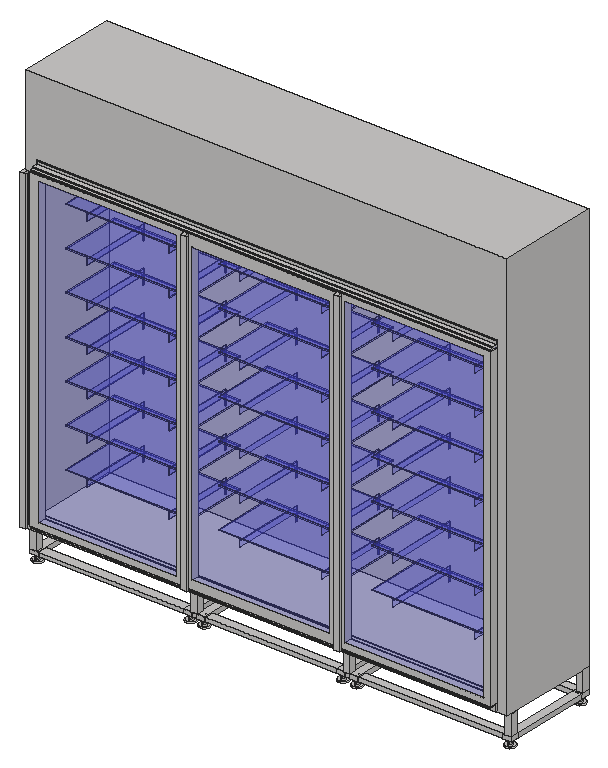
Revit family "Food-Service-Equipment_Oscartek_Muro_Gala-2274_cat", category Specialty Equipment, Revit 2026 (continued)
Automatic sketch dimensions
  Revolve 7 sketch curve to Revolve 7 sketch curve = 0.16783"
  Revolve 7 sketch curve to Revolve 7 sketch curve = 1.56456"
  Revolve 7 sketch curve to Revolve 7 sketch curve = 0.19705"
  Revolve 7 sketch curve to Revolve 7 sketch curve = 0.17734"
  plane 15 to Revolve 7 sketch curve = 0.06186"
  Revolve 7 sketch curve to plane 15 = 0.15613"
  Revolve 7 sketch curve to Revolve 7 sketch curve = 1 3/4"
  Revolve 7 sketch curve to Revolve 7 sketch curve = 1/2"
  Revolve 8 sketch curve to plane 16 = 0"  (x2)
  Revolve 8 sketch curve to level = 0"
  level to Revolve 8 sketch curve = 0.11843"
  level to Revolve 8 sketch curve = 0.22627"
  Revolve 8 sketch curve to Revolve 8 sketch curve = 0.16783"
  Revolve 8 sketch curve to Revolve 8 sketch curve = 1.56456"
  Revolve 8 sketch curve to Revolve 8 sketch curve = 0.19705"
  Revolve 8 sketch curve to Revolve 8 sketch curve = 0.17734"
  plane 15 to Revolve 8 sketch curve = 0.06186"
  Revolve 8 sketch curve to plane 15 = 0.15613"
  Revolve 8 sketch curve to Revolve 8 sketch curve = 1 3/4"
  Revolve 8 sketch curve to Revolve 8 sketch curve = 1/2"
  Extrusion 9 sketch curve to plane 15 = 0"
  Extrusion 9 sketch curve to plane 1 "BACK" = 0"
  plane 16 to Extrusion 9 sketch curve = 0.78819"
  plane 1 "BACK" to Extrusion 9 sketch curve = 1.55943"
  level to Extrusion 9 sketch curve = 1.28869"  (x2)
  Extrusion 9 sketch curve to Extrusion 9 sketch curve = 0.78819"  (x2)
  Extrusion 10 sketch curve to plane 3 "LEFT" = 0"
  plane 4 "RIGHT" to Extrusion 10 sketch curve = 0"
  Extrusion 10 sketch curve to plane 17 = 3/4"
  Extrusion 10 sketch curve to plane 18 = 0.776"
  plane 18 to Extrusion 10 sketch curve = 0.72956"
  Extrusion 10 sketch curve to Extrusion 10 sketch curve = 0.94867"  (x2)
  plane 19 to Extrusion 10 sketch curve = 0.51472"
  level to Extrusion 10 sketch curve = 2.07689"  (x5)
  plane 7 "Center Y" to Extrusion 10 sketch curve = 12.24038"
  Extrusion 10 sketch curve to Extrusion 10 sketch curve = 1.50556"
  Extrusion 10 sketch curve to Extrusion 10 sketch curve = 1.56743"
  Extrusion 10 sketch curve to Extrusion 10 sketch curve = 1 9/16"
  Extrusion 10 sketch curve to Extrusion 10 sketch curve = 0"
  Extrusion 10 sketch curve to Extrusion 10 sketch curve = 0.78819"  (x6)
  Extrusion 11 sketch curve to Extrusion 10 = 0"  (x2)
  Extrusion 10 to Extrusion 11 sketch curve = 0"  (x4)
  Extrusion 11 sketch curve to Extrusion 10 = 0.38475"  (x2)
  Extrusion 10 to Extrusion 11 sketch curve = 1.18229"  (x4)
  Extrusion 10 to Extrusion 11 sketch curve = 28.41113"
  Extrusion 11 sketch curve to Extrusion 10 = 0.01696"  (x4)
  Extrusion 11 sketch curve to Extrusion 11 sketch curve = 0"  (x3)
  Extrusion 11 sketch curve to Extrusion 11 sketch curve = 1.17775"  (x6)
  Extrusion 11 sketch curve to Extrusion 11 sketch curve = 27.19725"
  Extrusion 11 sketch curve to Extrusion 11 sketch curve = 28.79588"
  Extrusion 10 to Extrusion 11 sketch curve = 1.16533"  (x4)
  Extrusion 12 sketch curve to Extrusion 2 = 0"  (x2)
  Extrusion 2 to Extrusion 12 sketch curve = 0"  (x2)
  Extrusion 2 to Extrusion 12 sketch curve = 1.02142"
  Extrusion 12 sketch curve to Extrusion 12 sketch curve = 0.39186"
  Extrusion 12 sketch curve to Extrusion 2 = 28.0961"
  Extrusion 12 sketch curve to Extrusion 12 sketch curve = 0.38648"
  Extrusion 12 sketch curve to Extrusion 12 sketch curve = 28.41142"
  Extrusion 13 sketch curve to plane 6 "TOP" = 0"
  Extrusion 13 sketch curve to plane 9 = 0"
  plane 14 to Extrusion 13 sketch curve = 0"
  Extrusion 13 sketch curve to plane 1 "BACK" = 0"
  Extrusion 13 sketch curve to plane 15 = 0.03556"
  Extrusion 13 sketch curve to plane 15 = 0.01696"
  plane 16 to Extrusion 13 sketch curve = 0.15764"
  plane 1 "BACK" to Extrusion 13 sketch curve = 2.08871"
  Extrusion 13 sketch curve to plane 14 = 2.52221"
  Extrusion 13 sketch curve to plane 6 "TOP" = 15.6731"
  Extrusion 13 sketch curve to Extrusion 13 sketch curve = 1.4856"
  Extrusion 13 sketch curve to Extrusion 13 sketch curve = 4.27825"
  Extrusion 14 sketch curve to plane 6 "TOP" = 0"
  Extrusion 14 sketch curve to plane 9 = 0"
  Extrusion 14 sketch curve to plane 1 "BACK" = 0"
  plane 14 to Extrusion 14 sketch curve = 0"
  Extrusion 15 sketch curve to plane 1 "BACK" = 0"
  Extrusion 15 sketch curve to plane 9 = 0"
  plane 14 to Extrusion 15 sketch curve = 0"
  Extrusion 15 sketch curve to plane 6 "TOP" = 0"
  Split face 1 sketch curve to cut or joined group of Extrusion 13, Extrusion 14, Extrusion 15 = 70.75652"
  Split face 1 sketch curve to cut or joined group of Extrusion 13, Extrusion 14, Extrusion 15 = 44 3/4"
  Revolve 16 sketch curve to level = 0"
  level to Revolve 16 sketch curve = 0.11843"
  level to Revolve 16 sketch curve = 0.22627"
  Revolve 16 sketch curve to Revolve 16 sketch curve = 0.16783"
  plane 1 "BACK" to Revolve 16 sketch curve = 0.78819"  (x2)
  Revolve 16 sketch curve to Revolve 16 sketch curve = 1.56456"
  Revolve 16 sketch curve to Revolve 16 sketch curve = 0.19705"
  Revolve 16 sketch curve to Revolve 16 sketch curve = 0.17734"
  Revolve 16 sketch curve to Revolve 16 sketch curve = 0.33498"
  Revolve 16 sketch curve to Revolve 16 sketch curve = 0.218"
  Revolve 16 sketch curve to Revolve 16 sketch curve = 1 3/4"
  Revolve 16 sketch curve to Revolve 16 sketch curve = 1/2"
  Revolve 17 sketch curve to plane 16 = 0"  (x2)
  Revolve 17 sketch curve to level = 0"
  level to Revolve 17 sketch curve = 0.11843"
  level to Revolve 17 sketch curve = 0.22627"
  Revolve 17 sketch curve to Revolve 17 sketch curve = 0.16783"
  Revolve 17 sketch curve to Revolve 17 sketch curve = 1.56456"
  Revolve 17 sketch curve to Revolve 17 sketch curve = 0.19705"
  Revolve 17 sketch curve to Revolve 17 sketch curve = 0.17734"
  plane 15 to Revolve 17 sketch curve = 0.06186"
  Revolve 17 sketch curve to plane 15 = 0.15613"
  Revolve 17 sketch curve to Revolve 17 sketch curve = 1 3/4"
  Revolve 17 sketch curve to Revolve 17 sketch curve = 1/2"
  Extrusion 18 sketch curve to plane 8 "Center X" = 0.40481"
  Extrusion 18 sketch curve to plane 8 "Center X" = 0.17499"
  plane 8 "Center X" to Extrusion 18 sketch curve = 0.10088"
  plane 8 "Center X" to Extrusion 18 sketch curve = 0.18634"
  Extrusion 18 sketch curve to Extrusion 18 sketch curve = 1.18229"  (x3)
  Extrusion 18 sketch curve to Extrusion 18 sketch curve = 0.08546"
  Extrusion 18 sketch curve to Extrusion 18 sketch curve = 0.27587"
  Extrusion 18 sketch curve to Extrusion 18 sketch curve = 0.22982"
  Extrusion 18 sketch curve to plane 6 "TOP" = 19.30897"
  Extrusion 18 sketch curve to Extrusion 18 sketch curve = 0.15764"  (x3)
  Extrusion 18 sketch curve to Extrusion 18 sketch curve = 0.3941"  (x2)
  Revolve 19 sketch curve to level = 0"
  level to Revolve 19 sketch curve = 0.11843"
  level to Revolve 19 sketch curve = 0.22627"
  Revolve 19 sketch curve to Revolve 19 sketch curve = 0.16783"
  plane 1 "BACK" to Revolve 19 sketch curve = 0.78819"  (x2)
  Revolve 19 sketch curve to Revolve 19 sketch curve = 1.56456"
  Revolve 19 sketch curve to Revolve 19 sketch curve = 0.19705"
  Revolve 19 sketch curve to Revolve 19 sketch curve = 0.17734"
  Revolve 19 sketch curve to Revolve 19 sketch curve = 0.33498"
  Revolve 19 sketch curve to Revolve 19 sketch curve = 0.218"
  Revolve 19 sketch curve to Revolve 19 sketch curve = 1 3/4"
  Revolve 19 sketch curve to Revolve 19 sketch curve = 1/2"
  Revolve 20 sketch curve to plane 16 = 0"  (x2)
  Revolve 20 sketch curve to level = 0"
  level to Revolve 20 sketch curve = 0.11843"
  level to Revolve 20 sketch curve = 0.22627"
  Revolve 20 sketch curve to Revolve 20 sketch curve = 0.16783"
  Revolve 20 sketch curve to Revolve 20 sketch curve = 1.56456"
  Revolve 20 sketch curve to Revolve 20 sketch curve = 0.19705"
  Revolve 20 sketch curve to Revolve 20 sketch curve = 0.17734"
  plane 15 to Revolve 20 sketch curve = 0.06186"
  Revolve 20 sketch curve to plane 15 = 0.15613"
  Revolve 20 sketch curve to Revolve 20 sketch curve = 1 3/4"
  Revolve 20 sketch curve to Revolve 20 sketch curve = 1/2"
  Revolve 21 sketch curve to level = 0"
  level to Revolve 21 sketch curve = 0.11843"
  level to Revolve 21 sketch curve = 0.22627"
  Revolve 21 sketch curve to Revolve 21 sketch curve = 0.16783"
  plane 1 "BACK" to Revolve 21 sketch curve = 0.78819"  (x2)
  Revolve 21 sketch curve to Revolve 21 sketch curve = 1.56456"
  Revolve 21 sketch curve to Revolve 21 sketch curve = 0.19705"
  Revolve 21 sketch curve to Revolve 21 sketch curve = 0.17734"
  Revolve 21 sketch curve to Revolve 21 sketch curve = 0.33498"
  Revolve 21 sketch curve to Revolve 21 sketch curve = 0.218"
  Revolve 21 sketch curve to Revolve 21 sketch curve = 1 3/4"
  Revolve 21 sketch curve to Revolve 21 sketch curve = 1/2"
  Revolve 22 sketch curve to plane 16 = 0"  (x2)
  Revolve 22 sketch curve to level = 0"
  level to Revolve 22 sketch curve = 0.11843"
  level to Revolve 22 sketch curve = 0.22627"
  Revolve 22 sketch curve to Revolve 22 sketch curve = 0.16783"
  Revolve 22 sketch curve to Revolve 22 sketch curve = 1.56456"
  Revolve 22 sketch curve to Revolve 22 sketch curve = 0.19705"
  Revolve 22 sketch curve to Revolve 22 sketch curve = 0.17734"
  plane 15 to Revolve 22 sketch curve = 0.06186"
  Revolve 22 sketch curve to plane 15 = 0.15613"
  Revolve 22 sketch curve to Revolve 22 sketch curve = 1 3/4"
  Revolve 22 sketch curve to Revolve 22 sketch curve = 1/2"
  Revolve 23 sketch curve to level = 0"
  level to Revolve 23 sketch curve = 0.11843"
  level to Revolve 23 sketch curve = 0.22627"
  Revolve 23 sketch curve to Revolve 23 sketch curve = 0.16783"
  plane 1 "BACK" to Revolve 23 sketch curve = 0.78819"  (x2)
  Revolve 23 sketch curve to Revolve 23 sketch curve = 1.56456"
  Revolve 23 sketch curve to Revolve 23 sketch curve = 0.19705"
  Revolve 23 sketch curve to Revolve 23 sketch curve = 0.17734"
  Revolve 23 sketch curve to Revolve 23 sketch curve = 0.33498"
  Revolve 23 sketch curve to Revolve 23 sketch curve = 0.218"
  Revolve 23 sketch curve to Revolve 23 sketch curve = 1 3/4"
  Revolve 23 sketch curve to Revolve 23 sketch curve = 1/2"
  Revolve 24 sketch curve to plane 16 = 0"  (x2)
  Revolve 24 sketch curve to level = 0"
  level to Revolve 24 sketch curve = 0.11843"
  level to Revolve 24 sketch curve = 0.22627"
  Revolve 24 sketch curve to Revolve 24 sketch curve = 0.16783"
  Revolve 24 sketch curve to Revolve 24 sketch curve = 1.56456"
  Revolve 24 sketch curve to Revolve 24 sketch curve = 0.19705"
  Revolve 24 sketch curve to Revolve 24 sketch curve = 0.17734"
  plane 15 to Revolve 24 sketch curve = 0.06186"
  Revolve 24 sketch curve to plane 15 = 0.15613"
  Revolve 24 sketch curve to Revolve 24 sketch curve = 1 3/4"
  Revolve 24 sketch curve to Revolve 24 sketch curve = 1/2"
  plane 16 to Extrusion 25 sketch curve = 1.55919"  (x7)
  Extrusion 25 sketch curve to Extrusion 25 sketch curve = 0.1885"  (x7)
  plane 8 "Center X" to Extrusion 25 sketch curve = 1.71395"  (x7)
  plane 1 "BACK" to Extrusion 25 sketch curve = 2.5301"  (x7)
  Extrusion 25 sketch curve to Extrusion 25 sketch curve = 0.29951"  (x7)
  Extrusion 25 sketch curve to plane 14 = 6.63161"
  Extrusion 25 sketch curve to plane 14 = 8.19181"
  Extrusion 25 sketch curve to Extrusion 25 sketch curve = 1.16821"  (x7)
  Extrusion 25 sketch curve to Extrusion 25 sketch curve = 0.3497"  (x7)
  Extrusion 25 sketch curve to Extrusion 25 sketch curve = 4.64318"
  Extrusion 25 sketch curve to Extrusion 25 sketch curve = 5.85368"
  Extrusion 25 sketch curve to Extrusion 25 sketch curve = 4.66089"  (x5)
  Extrusion 25 sketch curve to Extrusion 25 sketch curve = 5.8714"
  Extrusion 25 sketch curve to Extrusion 25 sketch curve = 1.5602"  (x4)
  plane 16 to Extrusion 26 sketch curve = 2.74186"  (x3)
  plane 1 "BACK" to Extrusion 26 sketch curve = 4.5494"  (x3)
  Extrusion 26 sketch curve to plane 14 = 16.77101"
  Extrusion 26 sketch curve to Extrusion 26 sketch curve = 0.31528"  (x3)
  Extrusion 26 sketch curve to Extrusion 26 sketch curve = 14.46332"  (x2)
  plane 16 to Extrusion 27 sketch curve = 2.50502"  (x2)
  Extrusion 27 sketch curve to Extrusion 27 sketch curve = 0.1885"  (x2)
  plane 1 "BACK" to Extrusion 27 sketch curve = 2.5301"  (x2)
  Extrusion 27 sketch curve to Extrusion 27 sketch curve = 0.29951"  (x2)
  Extrusion 27 sketch curve to plane 14 = 14.00319"
  Extrusion 27 sketch curve to Extrusion 27 sketch curve = 1.55721"  (x2)
  Extrusion 27 sketch curve to Extrusion 27 sketch curve = 1.1712"  (x2)
  Extrusion 27 sketch curve to Extrusion 27 sketch curve = 0.3497"  (x2)
  Extrusion 27 sketch curve to Extrusion 27 sketch curve = 12.05019"
  plane 16 to Extrusion 28 sketch curve = 2.74186"  (x2)
  plane 1 "BACK" to Extrusion 28 sketch curve = 4.5494"  (x2)
  Extrusion 28 sketch curve to plane 14 = 16.77101"
  Extrusion 28 sketch curve to Extrusion 28 sketch curve = 0.31528"  (x2)
  Extrusion 28 sketch curve to Extrusion 28 sketch curve = 14.46332"
  plane 16 to Extrusion 29 sketch curve = 2.50502"  (x2)
  Extrusion 29 sketch curve to Extrusion 29 sketch curve = 0.1885"  (x2)
  plane 1 "BACK" to Extrusion 29 sketch curve = 2.5301"  (x2)
  Extrusion 29 sketch curve to Extrusion 29 sketch curve = 0.29951"  (x2)
  Extrusion 29 sketch curve to plane 14 = 31.8599"
  Extrusion 29 sketch curve to Extrusion 29 sketch curve = 0.3497"  (x2)
  Extrusion 29 sketch curve to Extrusion 29 sketch curve = 1.1712"  (x2)
  Extrusion 29 sketch curve to Extrusion 29 sketch curve = 1.55721"  (x2)
  Extrusion 29 sketch curve to Extrusion 29 sketch curve = 13.2577"
  plane 16 to Extrusion 30 sketch curve = 2.50502"  (x3)
  Extrusion 30 sketch curve to Extrusion 30 sketch curve = 0.1885"  (x3)
  plane 8 "Center X" to Extrusion 30 sketch curve = 1.71395"  (x3)
  plane 1 "BACK" to Extrusion 30 sketch curve = 2.5301"  (x3)
  Extrusion 30 sketch curve to Extrusion 30 sketch curve = 0.29951"  (x3)
  Extrusion 30 sketch curve to plane 14 = 14.00319"
  Extrusion 30 sketch curve to Extrusion 30 sketch curve = 1.5602"  (x3)
  Extrusion 30 sketch curve to Extrusion 30 sketch curve = 1.16821"  (x3)
  Extrusion 30 sketch curve to Extrusion 30 sketch curve = 0.3497"  (x3)
  Extrusion 30 sketch curve to Extrusion 30 sketch curve = 12.05019"  (x2)
  plane 16 to Extrusion 31 sketch curve = 2.50502"  (x3)
  Extrusion 31 sketch curve to Extrusion 31 sketch curve = 0.1885"  (x3)
  plane 8 "Center X" to Extrusion 31 sketch curve = 1.71395"  (x3)
  plane 1 "BACK" to Extrusion 31 sketch curve = 2.5301"  (x3)
  Extrusion 31 sketch curve to Extrusion 31 sketch curve = 0.29951"  (x3)
  Extrusion 31 sketch curve to plane 6 "TOP" = 29 139/256"
  Extrusion 31 sketch curve to Extrusion 31 sketch curve = 0.3497"  (x3)
  Extrusion 31 sketch curve to Extrusion 31 sketch curve = 1.16821"  (x3)
  Extrusion 31 sketch curve to Extrusion 31 sketch curve = 1.5602"  (x3)
  Extrusion 31 sketch curve to Extrusion 31 sketch curve = 13.26069"  (x2)
  plane 16 to Extrusion 32 sketch curve = 1.79603"  (x7)
  plane 1 "BACK" to Extrusion 32 sketch curve = 3.87895"  (x7)
  Extrusion 32 sketch curve to plane 14 = 9.39943"
  Extrusion 32 sketch curve to Extrusion 32 sketch curve = 0.31029"  (x7)
  Extrusion 32 sketch curve to Extrusion 32 sketch curve = 7.0613"
  Extrusion 32 sketch curve to Extrusion 32 sketch curve = 7.07901"  (x5)
  plane 16 to Extrusion 33 sketch curve = 1.55919"  (x7)
  Extrusion 33 sketch curve to Extrusion 33 sketch curve = 0.1885"  (x7)
  plane 8 "Center X" to Extrusion 33 sketch curve = 1.71395"  (x7)
  plane 1 "BACK" to Extrusion 33 sketch curve = 2.5301"  (x7)
  Extrusion 33 sketch curve to Extrusion 33 sketch curve = 0.29951"  (x7)
  Extrusion 33 sketch curve to plane 6 "TOP" = 22.15367"
  Extrusion 33 sketch curve to Extrusion 33 sketch curve = 0.3497"  (x7)
  Extrusion 33 sketch curve to Extrusion 33 sketch curve = 1.16821"  (x7)
  Extrusion 33 sketch curve to Extrusion 33 sketch curve = 1.5602"  (x7)
  Extrusion 33 sketch curve to Extrusion 33 sketch curve = 5.8714"  (x5)
  Extrusion 33 sketch curve to Extrusion 33 sketch curve = 5.85368"
  plane 16 to Extrusion 34 sketch curve = 1.55919"  (x7)
  Extrusion 34 sketch curve to Extrusion 34 sketch curve = 0.1885"  (x7)
  plane 8 "Center X" to Extrusion 34 sketch curve = 1.71395"  (x7)
  plane 1 "BACK" to Extrusion 34 sketch curve = 2.5301"  (x7)
  Extrusion 34 sketch curve to Extrusion 34 sketch curve = 0.29951"  (x7)
  Extrusion 34 sketch curve to plane 14 = 6.63161"
  Extrusion 34 sketch curve to plane 14 = 8.19181"
  Extrusion 34 sketch curve to Extrusion 34 sketch curve = 1.16821"  (x7)
  Extrusion 34 sketch curve to Extrusion 34 sketch curve = 0.3497"  (x7)
  Extrusion 34 sketch curve to Extrusion 34 sketch curve = 4.64318"
  Extrusion 34 sketch curve to Extrusion 34 sketch curve = 5.85368"
  Extrusion 34 sketch curve to Extrusion 34 sketch curve = 4.66089"  (x5)
  Extrusion 34 sketch curve to Extrusion 34 sketch curve = 5.8714"
  Extrusion 34 sketch curve to Extrusion 34 sketch curve = 1.5602"  (x4)
  plane 16 to Extrusion 35 sketch curve = 2.74186"  (x3)
  plane 1 "BACK" to Extrusion 35 sketch curve = 4.5494"  (x3)
  Extrusion 35 sketch curve to plane 14 = 16.77101"
  Extrusion 35 sketch curve to Extrusion 35 sketch curve = 0.31528"  (x3)
  Extrusion 35 sketch curve to Extrusion 35 sketch curve = 14.46332"  (x2)
  plane 16 to Extrusion 36 sketch curve = 2.50502"  (x2)
  Extrusion 36 sketch curve to Extrusion 36 sketch curve = 0.1885"  (x2)
  plane 1 "BACK" to Extrusion 36 sketch curve = 2.5301"  (x2)
  Extrusion 36 sketch curve to Extrusion 36 sketch curve = 0.29951"  (x2)
  Extrusion 36 sketch curve to plane 14 = 14.00319"
  Extrusion 36 sketch curve to Extrusion 36 sketch curve = 1.55721"  (x2)
  Extrusion 36 sketch curve to Extrusion 36 sketch curve = 1.1712"  (x2)
  Extrusion 36 sketch curve to Extrusion 36 sketch curve = 0.3497"  (x2)
  Extrusion 36 sketch curve to Extrusion 36 sketch curve = 12.05019"
  plane 16 to Extrusion 37 sketch curve = 2.74186"  (x2)
  plane 1 "BACK" to Extrusion 37 sketch curve = 4.5494"  (x2)
  Extrusion 37 sketch curve to plane 14 = 16.77101"
  Extrusion 37 sketch curve to Extrusion 37 sketch curve = 0.31528"  (x2)
  Extrusion 37 sketch curve to Extrusion 37 sketch curve = 14.46332"
  plane 16 to Extrusion 38 sketch curve = 2.50502"  (x2)
  Extrusion 38 sketch curve to Extrusion 38 sketch curve = 0.1885"  (x2)
  plane 1 "BACK" to Extrusion 38 sketch curve = 2.5301"  (x2)
  Extrusion 38 sketch curve to Extrusion 38 sketch curve = 0.29951"  (x2)
  Extrusion 38 sketch curve to plane 14 = 31.8599"
  Extrusion 38 sketch curve to Extrusion 38 sketch curve = 0.3497"  (x2)
  Extrusion 38 sketch curve to Extrusion 38 sketch curve = 1.1712"  (x2)
  Extrusion 38 sketch curve to Extrusion 38 sketch curve = 1.55721"  (x2)
  Extrusion 38 sketch curve to Extrusion 38 sketch curve = 13.2577"
  plane 16 to Extrusion 39 sketch curve = 2.50502"  (x3)
  Extrusion 39 sketch curve to Extrusion 39 sketch curve = 0.1885"  (x3)
  plane 8 "Center X" to Extrusion 39 sketch curve = 1.71395"  (x3)
  plane 1 "BACK" to Extrusion 39 sketch curve = 2.5301"  (x3)
  Extrusion 39 sketch curve to Extrusion 39 sketch curve = 0.29951"  (x3)
  Extrusion 39 sketch curve to plane 14 = 14.00319"
  Extrusion 39 sketch curve to Extrusion 39 sketch curve = 1.5602"  (x3)
  Extrusion 39 sketch curve to Extrusion 39 sketch curve = 1.16821"  (x3)
  Extrusion 39 sketch curve to Extrusion 39 sketch curve = 0.3497"  (x3)
  Extrusion 39 sketch curve to Extrusion 39 sketch curve = 12.05019"  (x2)
  plane 16 to Extrusion 40 sketch curve = 2.50502"  (x3)
  Extrusion 40 sketch curve to Extrusion 40 sketch curve = 0.1885"  (x3)
  plane 8 "Center X" to Extrusion 40 sketch curve = 1.71395"  (x3)
  plane 1 "BACK" to Extrusion 40 sketch curve = 2.5301"  (x3)
  Extrusion 40 sketch curve to Extrusion 40 sketch curve = 0.29951"  (x3)
  Extrusion 40 sketch curve to plane 6 "TOP" = 29 139/256"
  Extrusion 40 sketch curve to Extrusion 40 sketch curve = 0.3497"  (x3)
  Extrusion 40 sketch curve to Extrusion 40 sketch curve = 1.16821"  (x3)
  Extrusion 40 sketch curve to Extrusion 40 sketch curve = 1.5602"  (x3)
  Extrusion 40 sketch curve to Extrusion 40 sketch curve = 13.26069"  (x2)
  plane 16 to Extrusion 41 sketch curve = 1.79603"  (x7)
  plane 1 "BACK" to Extrusion 41 sketch curve = 3.87895"  (x7)
  Extrusion 41 sketch curve to plane 14 = 9.39943"
  Extrusion 41 sketch curve to Extrusion 41 sketch curve = 0.31029"  (x7)
  Extrusion 41 sketch curve to Extrusion 41 sketch curve = 7.0613"
  Extrusion 41 sketch curve to Extrusion 41 sketch curve = 7.07901"  (x5)
  plane 16 to Extrusion 42 sketch curve = 1.55919"  (x7)
  Extrusion 42 sketch curve to Extrusion 42 sketch curve = 0.1885"  (x7)
  plane 8 "Center X" to Extrusion 42 sketch curve = 1.71395"  (x7)
  plane 1 "BACK" to Extrusion 42 sketch curve = 2.5301"  (x7)
  Extrusion 42 sketch curve to Extrusion 42 sketch curve = 0.29951"  (x7)
  Extrusion 42 sketch curve to plane 6 "TOP" = 22.15367"
  Extrusion 42 sketch curve to Extrusion 42 sketch curve = 0.3497"  (x7)
  Extrusion 42 sketch curve to Extrusion 42 sketch curve = 1.16821"  (x7)
  Extrusion 42 sketch curve to Extrusion 42 sketch curve = 1.5602"  (x7)
  Extrusion 42 sketch curve to Extrusion 42 sketch curve = 5.8714"  (x5)
  Extrusion 42 sketch curve to Extrusion 42 sketch curve = 5.85368"
  plane 16 to Extrusion 43 sketch curve = 1.55919"  (x7)
  Extrusion 43 sketch curve to Extrusion 43 sketch curve = 0.1885"  (x7)
  plane 8 "Center X" to Extrusion 43 sketch curve = 1.71395"  (x7)
  plane 1 "BACK" to Extrusion 43 sketch curve = 2.5301"  (x7)
  Extrusion 43 sketch curve to Extrusion 43 sketch curve = 0.29951"  (x7)
  Extrusion 43 sketch curve to plane 6 "TOP" = 22.15367"
  Extrusion 43 sketch curve to Extrusion 43 sketch curve = 0.3497"  (x7)
  Extrusion 43 sketch curve to Extrusion 43 sketch curve = 1.16821"  (x7)
  Extrusion 43 sketch curve to Extrusion 43 sketch curve = 1.5602"  (x7)
  Extrusion 43 sketch curve to Extrusion 43 sketch curve = 5.8714"  (x5)
  Extrusion 43 sketch curve to Extrusion 43 sketch curve = 5.85368"
  plane 16 to Extrusion 44 sketch curve = 2.74186"  (x3)
  plane 1 "BACK" to Extrusion 44 sketch curve = 4.5494"  (x3)
  Extrusion 44 sketch curve to plane 6 "TOP" = 29.53798"
  Extrusion 44 sketch curve to Extrusion 44 sketch curve = 0.31528"  (x3)
  Extrusion 44 sketch curve to Extrusion 44 sketch curve = 14.46332"  (x2)
  plane 16 to Extrusion 45 sketch curve = 2.50502"  (x2)
  Extrusion 45 sketch curve to Extrusion 45 sketch curve = 0.1885"  (x2)
  plane 1 "BACK" to Extrusion 45 sketch curve = 2.5301"  (x2)
  Extrusion 45 sketch curve to Extrusion 45 sketch curve = 0.29951"  (x2)
  Extrusion 45 sketch curve to plane 14 = 31.8599"
  Extrusion 45 sketch curve to Extrusion 45 sketch curve = 0.3497"  (x2)
  Extrusion 45 sketch curve to Extrusion 45 sketch curve = 1.1712"  (x2)
  Extrusion 45 sketch curve to Extrusion 45 sketch curve = 1.55721"  (x2)
  Extrusion 45 sketch curve to Extrusion 45 sketch curve = 13.2577"
  plane 16 to Extrusion 46 sketch curve = 2.74186"  (x2)
  plane 1 "BACK" to Extrusion 46 sketch curve = 4.5494"  (x2)
  Extrusion 46 sketch curve to plane 14 = 31.86488"
  Extrusion 46 sketch curve to Extrusion 46 sketch curve = 0.31528"  (x2)
  Extrusion 46 sketch curve to Extrusion 46 sketch curve = 14.46332"
  plane 16 to Extrusion 47 sketch curve = 2.50502"  (x2)
  Extrusion 47 sketch curve to Extrusion 47 sketch curve = 0.1885"  (x2)
  plane 1 "BACK" to Extrusion 47 sketch curve = 2.5301"  (x2)
  Extrusion 47 sketch curve to Extrusion 47 sketch curve = 0.29951"  (x2)
  Extrusion 47 sketch curve to plane 14 = 14.00319"
  Extrusion 47 sketch curve to Extrusion 47 sketch curve = 1.55721"  (x2)
  Extrusion 47 sketch curve to Extrusion 47 sketch curve = 1.1712"  (x2)
  Extrusion 47 sketch curve to Extrusion 47 sketch curve = 0.3497"  (x2)
  Extrusion 47 sketch curve to Extrusion 47 sketch curve = 12.05019"
  plane 16 to Extrusion 48 sketch curve = 2.50502"  (x3)
  Extrusion 48 sketch curve to Extrusion 48 sketch curve = 0.1885"  (x3)
  plane 8 "Center X" to Extrusion 48 sketch curve = 1.71395"  (x3)
  plane 1 "BACK" to Extrusion 48 sketch curve = 2.5301"  (x3)
  Extrusion 48 sketch curve to Extrusion 48 sketch curve = 0.29951"  (x3)
  Extrusion 48 sketch curve to plane 6 "TOP" = 29 139/256"
  Extrusion 48 sketch curve to Extrusion 48 sketch curve = 0.3497"  (x3)
  Extrusion 48 sketch curve to Extrusion 48 sketch curve = 1.16821"  (x3)
  Extrusion 48 sketch curve to Extrusion 48 sketch curve = 1.5602"  (x3)
  Extrusion 48 sketch curve to Extrusion 48 sketch curve = 13.26069"  (x2)
  plane 16 to Extrusion 49 sketch curve = 2.50502"  (x3)
  Extrusion 49 sketch curve to Extrusion 49 sketch curve = 0.1885"  (x3)
  plane 8 "Center X" to Extrusion 49 sketch curve = 1.71395"  (x3)
  plane 1 "BACK" to Extrusion 49 sketch curve = 2.5301"  (x3)
  Extrusion 49 sketch curve to Extrusion 49 sketch curve = 0.29951"  (x3)
  Extrusion 49 sketch curve to plane 14 = 14.00319"
  Extrusion 49 sketch curve to Extrusion 49 sketch curve = 1.5602"  (x3)
  Extrusion 49 sketch curve to Extrusion 49 sketch curve = 1.16821"  (x3)
  Extrusion 49 sketch curve to Extrusion 49 sketch curve = 0.3497"  (x3)
  Extrusion 49 sketch curve to Extrusion 49 sketch curve = 12.05019"  (x2)
  plane 16 to Extrusion 50 sketch curve = 1.79603"  (x7)
  plane 1 "BACK" to Extrusion 50 sketch curve = 3.87895"  (x7)
  Extrusion 50 sketch curve to plane 6 "TOP" = 22.15367"
  Extrusion 50 sketch curve to Extrusion 50 sketch curve = 0.31029"  (x7)
  Extrusion 50 sketch curve to Extrusion 50 sketch curve = 7.07901"  (x5)
  Extrusion 50 sketch curve to Extrusion 50 sketch curve = 7.0613"
  plane 16 to Extrusion 51 sketch curve = 1.55919"  (x7)
  Extrusion 51 sketch curve to Extrusion 51 sketch curve = 0.1885"  (x7)
  plane 8 "Center X" to Extrusion 51 sketch curve = 1.71395"  (x7)
  plane 1 "BACK" to Extrusion 51 sketch curve = 2.5301"  (x7)
  Extrusion 51 sketch curve to Extrusion 51 sketch curve = 0.29951"  (x7)
  Extrusion 51 sketch curve to plane 14 = 6.63161"
  Extrusion 51 sketch curve to plane 14 = 8.19181"
  Extrusion 51 sketch curve to Extrusion 51 sketch curve = 1.16821"  (x7)
  Extrusion 51 sketch curve to Extrusion 51 sketch curve = 0.3497"  (x7)
  Extrusion 51 sketch curve to Extrusion 51 sketch curve = 4.64318"
  Extrusion 51 sketch curve to Extrusion 51 sketch curve = 5.85368"
  Extrusion 51 sketch curve to Extrusion 51 sketch curve = 4.66089"  (x5)
  Extrusion 51 sketch curve to Extrusion 51 sketch curve = 5.8714"
  Extrusion 51 sketch curve to Extrusion 51 sketch curve = 1.5602"  (x4)
  radius of Split face 1 sketch curve = 1/2"
Connectors (in)
  electrical at (44.75, 0, 76.76255), driven by "Volts", driven by "Watts"
    settings: on cut or joined group of Extrusion 13, Extrusion 14, Extrusion 15, index 1, voltage 220 V, apparent load 990 VA, apparent load phase1 0 VA, apparent load phase2 0 VA, apparent load phase3 0 VA, power factor 1, load classification "Other", number of poles 1, system type 30, power factor state 1, is connector primary yes, connector utility no, sub classification motor no, connector description "ELECTRICAL CONNECTION"
